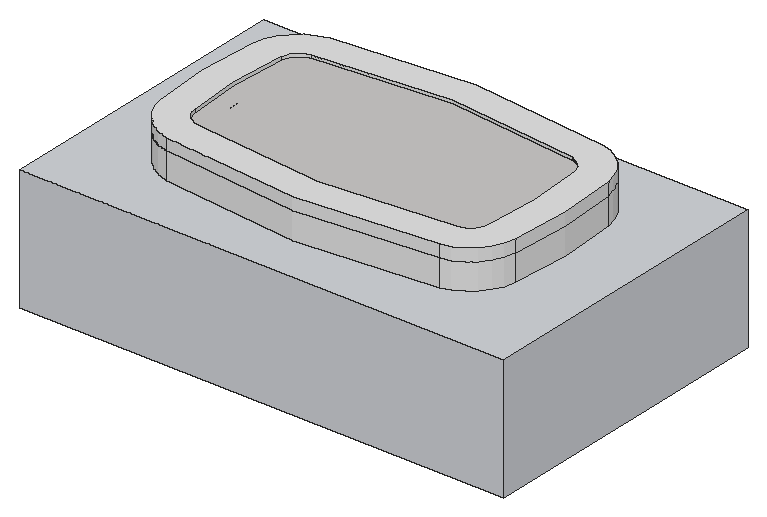
Revit family "KB200", category Equipement spécialisé, Revit 2016
Family settings
  Hôte = Face
  Type d'élément = Normal
  Cote de connecteur circulaire = Utiliser le diamètre
  Numéro OmniClass = 23.40.20.21
  Titre OmniClass = Toilet and Bath Specialties
  Couper avec des vides une fois chargée = Non
  Partagée = Non
  Point de calcul de pièce = Non
Parameters (values of type "White Granite with Stainless Cover")
  seatangle [instance] = if(Fold Down, 90.00°, 0.00°)  # 0.00°
  dooradjust [instance] = if(seatangle = 0.00°, 0' 0 5/8", 0' 1 5/8")  # 0' - 0 5/8"
  Warranty Duration (Years) = 0
  Unit Width = 2' - 11 3/16"
  Unit Height = 1' - 10 1/4"
  Unit Depth = 0' - 3 3/4"
  URL = "http://www.bobrick.com/Pages/default.aspx"
  Test Data = ""
  Standards Conformance = "ADA with proper mounting height  ;  Made in U.S.A."
  Specification = ""
  SpecWizard = ""
  Send Message = "https://www.anox.fr/fr/contactez-nous"
  Sales Information = "https://www.anox.fr/fr/contactez-nous"
  Revision = "R1_10_2012"
  Region Restriction = "None"
  Recycled Content = "16%"
  Product Properties = ""
  Mounting Height [instance] = 2' - 4 3/4"
  Modèle = "KB200-05SS"
  Fabricant = "Bobrick Washroom Equipment, Inc."
  Maintenance Schedule (Months) = 0
  Note d'identification = "102813"
  Installation Phase = ""
  Green Building-LEED = ""
  Fold Up [instance] = not(Fold Down)  # yes
  Fold Down [instance] = no
  Fixture Material = Plastic - Bobrick - White Granite
  Expected Lifespan (Years) = 0
  Drawn By = "Sumex Design, Inc. / Robert S. Weygant, CSI, CDT, SCIP"
  Description = "Bobrick Horizontal Baby Changing Station - Koala Kare KB200-05SS"
  Default Elevation = 0' - 0"
  Cover Finish = Plastic - Bobrick - White Granite
  Copyright = "©Arcat Inc."
  Construction Details = ""
  Center Plate Finish = Steel - Bobrick - Stainless Satin
  Capacity = "200 lbs  ;  50 liners"
  Building Codes = ""
  Code d'assemblage = "E1090900"
Types (6): name | Send Message | Sales Information | Modèle | Fixture Material | Description | Cover Finish | Center Plate Finish
  White Granite with Stainless Cover | "https://www.anox.fr/fr/contactez-nous" | "https://www.anox.fr/fr/contactez-nous" | "KB200-05SS" | Plastic - Bobrick - White Granite | "Bobrick Horizontal Baby Changing Station - Koala Kare KB200-05SS" | Plastic - Bobrick - White Granite | Steel - Bobrick - Stainless Satin
  Grey with Stainless Cover | "http://www.arcat.com/users.pl?action=UserEmail&company=Bobrick+Washroom+Equipment,+Inc.&coid=30988&rep=156&fax=818-503-1930&mf=" | "http://www.bobrick.com/Pages/ContactUs.aspx" | "KB200-01SS" | Plastic - Bobrick - Grey | "Bobrick Horizontal Baby Changing Station - Koala Kare KB200-01SS" | Plastic - Bobrick - Grey | Steel - Bobrick - Stainless Satin
  Earth | "http://www.arcat.com/users.pl?action=UserEmail&company=Bobrick+Washroom+Equipment,+Inc.&coid=30988&rep=156&fax=818-503-1930&mf=" | "http://www.bobrick.com/Pages/ContactUs.aspx" | "KB200-11" | Plastic - Bobrick - Earth | "Bobrick Horizontal Baby Changing Station - Koala Kare KB200-11" | Plastic - Bobrick - Earth | Plastic - Bobrick - Earth
  White Granite | "http://www.arcat.com/users.pl?action=UserEmail&company=Bobrick+Washroom+Equipment,+Inc.&coid=30988&rep=156&fax=818-503-1930&mf=" | "http://www.bobrick.com/Pages/ContactUs.aspx" | "KB200-05" | Plastic - Bobrick - White Granite | "Bobrick Horizontal Baby Changing Station - Koala Kare KB200-05" | Plastic - Bobrick - White Granite | Plastic - Bobrick - White Granite
  Grey | "http://www.arcat.com/users.pl?action=UserEmail&company=Bobrick+Washroom+Equipment,+Inc.&coid=30988&rep=156&fax=818-503-1930&mf=" | "http://www.bobrick.com/Pages/ContactUs.aspx" | "KB200-01" | Plastic - Bobrick - Grey | "Bobrick Horizontal Baby Changing Station - Koala Kare KB200-01" | Plastic - Bobrick - Grey | Plastic - Bobrick - Grey
  Cream | "http://www.arcat.com/users.pl?action=UserEmail&company=Bobrick+Washroom+Equipment,+Inc.&coid=30988&rep=156&fax=818-503-1930&mf=" | "http://www.bobrick.com/Pages/ContactUs.aspx" | "KB200-00" | Plastic - Bobrick - Cream | "Bobrick Horizontal Baby Changing Station - Koala Kare KB200-00" | Plastic - Bobrick - Cream | Plastic - Bobrick - Cream
Reference planes (in)
  plane 1 "x": y = -4.03043
  plane 2: z = 0
  plane 3 "Center (Left/Right)": x = 0
  plane 4: y = 7.09457
  plane 5: y = -15.15543
  plane 6: x = -17.59375
  plane 7: x = 17.59375
  plane 8: z = 3.75
  plane 9 "FF": y = -43.90543
  plane 10: z = 3.125
  plane 11: y = -13.96793
Forms (in)
  Extrusion 1, solid
    sketch origin (0, 0, 0) x (1, 0, 0) y (0, 1, 0)
      loop
        line (-23, 10.03207) -> (-23, -19.501) -> (23.9838, -19.501) -> (23.9838, 10.03207) -> (-23, 10.03207)
    from 0 to -12
  Extrusion 2, solid, material "Plastic - Bobrick - White Granite" <- "Cover Finish"
    sketch origin (0, -12.71793, 6.625) x (1, 0, 0) y (0, 1, 0)
      loop
        arc (-13.20722, 18.55231) -> (-15.89551, 17.07694) -> (-17.21695, 14.30973) r 5
        arc (-17.21695, 14.30973) -> (-17.59375, 8.6875) -> (-17.21695, 3.06527) r 42.13281
        arc (-17.21695, 3.06527) -> (-15.89551, 0.29806) -> (-13.20722, -1.17731) r 5
        arc (-13.20722, -1.17731) -> (0, -2.4375) -> (13.20722, -1.17731) r 69.83813
        arc (13.20722, -1.17731) -> (15.89551, 0.29806) -> (17.21695, 3.06527) r 5
        arc (17.21695, 3.06527) -> (17.59375, 8.6875) -> (17.21695, 14.30973) r 42.13281
        arc (17.21695, 14.30973) -> (15.89551, 17.07694) -> (13.20722, 18.55231) r 5
        arc (13.20722, 18.55231) -> (0, 19.8125) -> (-13.20722, 18.55231) r 69.83813
      loop
        arc (-12.63989, 15.60644) -> (-13.7152, 15.01629) -> (-14.24378, 13.90941) r 2
        arc (-14.24378, 13.90941) -> (-14.59375, 8.6875) -> (-14.24378, 3.46559) r 39.13281
        arc (-14.24378, 3.46559) -> (-13.7152, 2.35871) -> (-12.63989, 1.76856) r 2
        arc (-12.63989, 1.76856) -> (0, 0.5625) -> (12.63989, 1.76856) r 66.83813
        arc (12.63989, 1.76856) -> (13.7152, 2.35871) -> (14.24378, 3.46559) r 2
        arc (14.24378, 3.46559) -> (14.59375, 8.6875) -> (14.24378, 13.90941) r 39.13281
        arc (14.24378, 13.90941) -> (13.7152, 15.01629) -> (12.63989, 15.60644) r 2
        arc (12.63989, 15.60644) -> (0, 16.8125) -> (-12.63989, 15.60644) r 66.83813
    from -4.06149 to -2.875
  Extrusion 3, solid, material "Steel - Bobrick - Stainless Satin" <- "Center Plate Finish"
    sketch origin (0, -13.96793, 6.625) x (1, 0, 0) y (0, 1, 0)
      loop
        arc (-14.24378, 4.71559) -> (-13.7152, 3.60871) -> (-12.63989, 3.01856) r 2
        arc (-12.63989, 3.01856) -> (0, 1.8125) -> (12.63989, 3.01856) r 66.83813
        arc (12.63989, 3.01856) -> (13.7152, 3.60871) -> (14.24378, 4.71559) r 2
        arc (14.24378, 4.71559) -> (14.59375, 9.9375) -> (14.24378, 15.15941) r 39.13281
        arc (14.24378, 15.15941) -> (13.7152, 16.26629) -> (12.63989, 16.85644) r 2
        arc (12.63989, 16.85644) -> (0, 18.0625) -> (-12.63989, 16.85644) r 66.83813
        arc (-12.63989, 16.85644) -> (-13.7152, 16.26629) -> (-14.24378, 15.15941) r 2
        arc (-14.24378, 15.15941) -> (-14.59375, 9.9375) -> (-14.24378, 4.71559) r 39.13281
    from -4.33311 to -3.11615
  Extrusion 4, solid, material "Plastic - Bobrick - White Granite" <- "Fixture Material"
    sketch origin (0, -13.96793, 6.625) x (1, 0, 0) y (0, 1, 0)
      loop
        arc (-17.21695, 15.55973) -> (-17.59375, 9.9375) -> (-17.21695, 4.31527) r 42.13281
        arc (-17.21695, 4.31527) -> (-15.89551, 1.54806) -> (-13.20722, 0.07269) r 5
        arc (-13.20722, 0.07269) -> (0, -1.1875) -> (13.20722, 0.07269) r 69.83813
        arc (13.20722, 0.07269) -> (15.89551, 1.54806) -> (17.21695, 4.31527) r 5
        arc (17.21695, 4.31527) -> (17.59375, 9.9375) -> (17.21695, 15.55973) r 42.13281
        arc (17.21695, 15.55973) -> (15.89551, 18.32694) -> (13.20722, 19.80231) r 5
        arc (13.20722, 19.80231) -> (0, 21.0625) -> (-13.20722, 19.80231) r 69.83813
        arc (-13.20722, 19.80231) -> (-15.89551, 18.32694) -> (-17.21695, 15.55973) r 5
      loop
        arc (-15.23483, 15.29285) -> (-15.59375, 9.9375) -> (-15.23483, 4.58215) r 40.13281
        arc (-15.23483, 4.58215) -> (-14.44197, 2.92182) -> (-12.829, 2.0366) r 3
        arc (-12.829, 2.0366) -> (0, 0.8125) -> (12.829, 2.0366) r 67.83813
        arc (12.829, 2.0366) -> (14.44197, 2.92182) -> (15.23483, 4.58215) r 3
        arc (15.23483, 4.58215) -> (15.59375, 9.9375) -> (15.23483, 15.29285) r 40.13281
        arc (15.23483, 15.29285) -> (14.44197, 16.95318) -> (12.829, 17.8384) r 3
        arc (12.829, 17.8384) -> (0, 19.0625) -> (-12.829, 17.8384) r 67.83813
        arc (-12.829, 17.8384) -> (-14.44197, 16.95318) -> (-15.23483, 15.29285) r 3
    from -6.625 to -4.06149
  Blend 5, void
    base sketch origin (0, -13.96793, 6.625) x (1, 0, 0) y (0, 1, 0)
      loop
        arc (-15.23483, 4.58215) -> (-14.44197, 2.92182) -> (-12.829, 2.0366) r 3
        arc (-12.829, 2.0366) -> (0, 0.8125) -> (12.829, 2.0366) r 67.83813
        arc (12.829, 2.0366) -> (14.44197, 2.92182) -> (15.23483, 4.58215) r 3
        arc (15.23483, 4.58215) -> (15.59375, 9.9375) -> (15.23483, 15.29285) r 40.13281
        arc (15.23483, 15.29285) -> (14.44197, 16.95318) -> (12.829, 17.8384) r 3
        arc (12.829, 17.8384) -> (0, 19.0625) -> (-12.829, 17.8384) r 67.83813
        arc (-12.829, 17.8384) -> (-14.44197, 16.95318) -> (-15.23483, 15.29285) r 3
        arc (-15.23483, 15.29285) -> (-15.59375, 9.9375) -> (-15.23483, 4.58215) r 40.13281
    top sketch origin (0, -13.96793, 6.625) x (1, 0, 0) y (0, 1, 0)
      loop
        arc (-13.99601, 4.74895) -> (-13.53351, 3.78043) -> (-12.59261, 3.26405) r 1.75
        arc (-12.59261, 3.26405) -> (0, 2.0625) -> (12.59261, 3.26405) r 66.58813
        arc (12.59261, 3.26405) -> (13.53351, 3.78043) -> (13.99601, 4.74895) r 1.75
        arc (13.99601, 4.74895) -> (14.34375, 9.9375) -> (13.99601, 15.12605) r 38.88281
        arc (13.99601, 15.12605) -> (13.53351, 16.09457) -> (12.59261, 16.61095) r 1.75
        arc (12.59261, 16.61095) -> (0, 17.8125) -> (-12.59261, 16.61095) r 66.58813
        arc (-12.59261, 16.61095) -> (-13.53351, 16.09457) -> (-13.99601, 15.12605) r 1.75
        arc (-13.99601, 15.12605) -> (-14.34375, 9.9375) -> (-13.99601, 4.74895) r 38.88281
    from -5.97079 to -4.68497
  Extrusion 6, solid, material "Plastic - Bobrick - White Granite" <- "Fixture Material"
    sketch origin (0, -13.96793, 6.625) x (1, 0, 0) y (0, 1, 0)
      loop
        arc (-15.23483, 4.58215) -> (-14.44197, 2.92182) -> (-12.829, 2.0366) r 3
        arc (-12.829, 2.0366) -> (0, 0.8125) -> (12.829, 2.0366) r 67.83813
        arc (12.829, 2.0366) -> (14.44197, 2.92182) -> (15.23483, 4.58215) r 3
        arc (15.23483, 4.58215) -> (15.59375, 9.9375) -> (15.23483, 15.29285) r 40.13281
        arc (15.23483, 15.29285) -> (14.44197, 16.95318) -> (12.829, 17.8384) r 3
        arc (12.829, 17.8384) -> (0, 19.0625) -> (-12.829, 17.8384) r 67.83813
        arc (-12.829, 17.8384) -> (-14.44197, 16.95318) -> (-15.23483, 15.29285) r 3
        arc (-15.23483, 15.29285) -> (-15.59375, 9.9375) -> (-15.23483, 4.58215) r 40.13281
    from -5.97079 to -4.06149
  Sweep 7, solid, material "Plastic - Bobrick - White Granite" <- "Fixture Material"
    path origin (0, 0, 0) x (1, 0, 0) y (0, 1, 0)
      loop
        line (9.84375, -15.15543) -> (-9.84375, -15.15543)
    profile origin (0, -15.15543, 0) x (0, -1, 0) y (0, 0, 1)
      loop
        line (-19.83194, 1.56022) -> (-20.25, 0) -> (-1.02102, 0) -> (-1.02102, 0.46545) -> (-1.77102, 0.46545) -> (-1.77102, 1.08319) -> (-3.1414, 2.49248)
        arc (-3.1414, 2.49248) -> (-4.31734, 2.91818) -> (-5.37907, 2.25729) r 1.43152
        arc (-5.37907, 2.25729) -> (-12.20573, 2.86056) -> (-19.03495, 2.28703) r 39.91051
        arc (-19.03495, 2.28703) -> (-19.53984, 2.0403) -> (-19.83194, 1.56022) r 1
  Extrusion 8, void
    sketch origin (0, 0, 0) x (1, 0, 0) y (0, 1, 0)
      loop
        line (-9.84375, 5.09457) -> (-9.84375, 0.09457)
        arc (-9.84375, 0.09457) -> (-8.37928, 3.6301) -> (-4.84375, 5.09457) r 5
        line (-4.84375, 5.09457) -> (-9.84375, 5.09457)
      loop
        line (9.84375, 5.09457) -> (4.84375, 5.09457)
        arc (4.84375, 5.09457) -> (8.37928, 3.6301) -> (9.84375, 0.09457) r 5
        line (9.84375, 0.09457) -> (9.84375, 5.09457)
    from 0 to 3.13523
Cuts and joins
  Blend 5 cuts Extrusion 6
  Extrusion 8 cuts Sweep 7
Lines and regions (in)
  reference lines
    curve 1: line (0, -13.96793, 3.125) -> (0, -7.46793, 3.125)
    curve 2: line (0, -13.96793, 3.125) -> (0, -13.96793, 6.625)
Dimensions and locks (in)
  equal spacing: plane 4, plane 1 "x", plane 5
  "Unit Height": plane 4 to plane 5
  equal spacing: plane 6, plane 3 "Center (Left/Right)", plane 7
  "Unit Width": plane 6 to plane 7
  "Mounting Height": plane 5 to plane 9 "FF"
  "Unit Depth": plane 8 to level
  plane 5 to plane 11 = 0' - 1 3/16"
  "dooradjust": plane 8 to plane 10
  "seatangle": angle plane 10 to curve 1
  aligned and locked: plane 2 to Extrusion 1
  aligned and locked: level to Extrusion 1
  aligned and locked: plane 11 to curve 1
  aligned and locked: curve 1 to plane 10
  aligned and locked: plane 5 to Sweep 7 sketch curve
Automatic sketch dimensions
  Extrusion 1 sketch curve to Extrusion 1 sketch curve = 3' - 10.9838"
  Extrusion 1 sketch curve to Extrusion 1 sketch curve = 2' - 5.53307"
  curve 2 to curve 1 = 0' - 0"  (x2)
  curve 1 to curve 2 = 0' - 3 1/2"
  Extrusion 2 sketch curve to plane 3 "Center (Left/Right)" = 0' - 0"  (x2)
  plane 6 to Extrusion 2 sketch curve = 0' - 5.33209"  (x2)
  Extrusion 2 sketch curve to Extrusion 2 sketch curve = 0' - 0.94556"  (x4)
  Extrusion 2 sketch curve to Extrusion 2 sketch curve = 0' - 0"  (x38)
  plane 6 to Extrusion 2 sketch curve = 0' - 0.3768"
  Extrusion 2 sketch curve to Extrusion 2 sketch curve = 0' - 4.95528"  (x2)
  Extrusion 2 sketch curve to plane 6 = 0' - 6 121/128"
  Extrusion 2 sketch curve to plane 7 = 0' - 5.33209"  (x2)
  Extrusion 2 sketch curve to plane 7 = 0' - 0.3768"
  Extrusion 2 sketch curve to Extrusion 2 sketch curve = 0' - 1.98211"
  Extrusion 3 sketch curve to plane 3 "Center (Left/Right)" = 0' - 0"  (x2)
  plane 6 to Extrusion 3 sketch curve = 0' - 5.33209"  (x2)
  Extrusion 3 sketch curve to Extrusion 3 sketch curve = 0' - 0.37822"  (x4)
  Extrusion 3 sketch curve to Extrusion 3 sketch curve = 0' - 0"  (x7)
  Extrusion 3 sketch curve to Extrusion 3 sketch curve = 0' - 1.98211"  (x4)
  Extrusion 3 sketch curve to plane 6 = 0' - 6 121/128"
  Extrusion 3 sketch curve to plane 7 = 0' - 5.33209"  (x2)
  Extrusion 4 sketch curve to Extrusion 4 sketch curve = 0' - 0"  (x37)
  Extrusion 4 sketch curve to plane 3 "Center (Left/Right)" = 0' - 0"  (x2)
  plane 6 to Extrusion 4 sketch curve = 0' - 5.33209"  (x2)
  Extrusion 4 sketch curve to Extrusion 4 sketch curve = 0' - 0.56734"  (x4)
  Extrusion 4 sketch curve to Extrusion 4 sketch curve = 0' - 0.37822"  (x2)
  plane 6 to Extrusion 4 sketch curve = 0' - 2.35892"
  Extrusion 4 sketch curve to Extrusion 4 sketch curve = 0' - 2.97317"
  Extrusion 4 sketch curve to plane 6 = 0' - 6 121/128"
  Extrusion 4 sketch curve to plane 7 = 0' - 5.33209"  (x2)
  Extrusion 4 sketch curve to plane 7 = 0' - 2.35892"  (x2)
  Blend 5 sketch curve to plane 3 "Center (Left/Right)" = 0' - 0"  (x4)
  plane 6 to Blend 5 sketch curve = 0' - 5.33209"  (x4)
  Blend 5 sketch curve to Blend 5 sketch curve = 0' - 0.56734"  (x4)
  Blend 5 sketch curve to Blend 5 sketch curve = 0' - 0"  (x14)
  plane 6 to Blend 5 sketch curve = 0' - 2.35892"
  Blend 5 sketch curve to Blend 5 sketch curve = 0' - 2.97317"  (x2)
  Blend 5 sketch curve to plane 6 = 0' - 6 121/128"  (x2)
  Blend 5 sketch curve to plane 7 = 0' - 5.33209"  (x4)
  Blend 5 sketch curve to Blend 5 sketch curve = 0' - 0.33095"  (x4)
  Blend 5 sketch curve to Blend 5 sketch curve = 0' - 1.73435"  (x4)
  Blend 5 sketch curve to plane 7 = 0' - 2.35892"
  Extrusion 6 sketch curve to plane 3 "Center (Left/Right)" = 0' - 0"  (x2)
  plane 6 to Extrusion 6 sketch curve = 0' - 5.33209"  (x2)
  Extrusion 6 sketch curve to Extrusion 6 sketch curve = 0' - 0.56734"  (x4)
  Extrusion 6 sketch curve to Extrusion 6 sketch curve = 0' - 0"  (x7)
  plane 6 to Extrusion 6 sketch curve = 0' - 2.35892"
  Extrusion 6 sketch curve to Extrusion 6 sketch curve = 0' - 2.97317"  (x2)
  Extrusion 6 sketch curve to plane 6 = 0' - 6 121/128"
  Extrusion 6 sketch curve to plane 7 = 0' - 5.33209"  (x2)
  Extrusion 6 sketch curve to plane 7 = 0' - 2.35892"
  plane 6 to Sweep 7 sketch curve = 0' - 7 3/4"
  Sweep 7 sketch curve to plane 7 = 0' - 7 3/4"
  Sweep 7 sketch curve to level = 0' - 0"
  profile plane to Sweep 7 sketch curve = 1' - 8 1/4"
  level to Sweep 7 sketch curve = 0' - 1.56022"
  Sweep 7 sketch curve to Sweep 7 sketch curve = 0' - 0.41806"
  Sweep 7 sketch curve to Sweep 7 sketch curve = 0' - 0.79699"
  Sweep 7 sketch curve to Sweep 7 sketch curve = 0' - 0"
  Sweep 7 sketch curve to Sweep 7 sketch curve = 0' - 0.16894"
  profile plane to Sweep 7 sketch curve = 1' - 0.29266"
  profile plane to Sweep 7 sketch curve = 0' - 5.37907"
  Sweep 7 sketch curve to Sweep 7 sketch curve = 0' - 1.02631"
  Sweep 7 sketch curve to Sweep 7 sketch curve = 0' - 1.37038"
  Sweep 7 sketch curve to Sweep 7 sketch curve = 0' - 0 3/4"
  Sweep 7 sketch curve to Sweep 7 sketch curve = 0' - 0.46545"
  Sweep 7 sketch curve to Sweep 7 sketch curve = 0' - 0.61774"
  Sweep 7 sketch curve to Sweep 7 sketch curve = 0' - 0.76279"
  Sweep 7 sketch curve to Sweep 7 sketch curve = 0' - 1.40928"
  Sweep 7 sketch curve to Sweep 7 sketch curve = 0' - 1.21137"
  Extrusion 8 sketch curve to plane 4 = 0' - 2"  (x2)
  plane 6 to Extrusion 8 sketch curve = 0' - 7 3/4"
  Extrusion 8 sketch curve to Extrusion 8 sketch curve = 0' - 5"  (x2)
  plane 3 "Center (Left/Right)" to Extrusion 8 sketch curve = 0' - 4 27/32"
  plane 1 "x" to Extrusion 2 sketch curve = 0' - 0"
  plane 1 "x" to Extrusion 2 sketch curve = 0' - 4.95503"
  plane 1 "x" to Extrusion 3 sketch curve = 0' - 0"
  plane 1 "x" to Extrusion 3 sketch curve = 0' - 4.95503"
  plane 1 "x" to Extrusion 4 sketch curve = 0' - 0"
  plane 1 "x" to Extrusion 4 sketch curve = 0' - 4.95503"
  plane 1 "x" to Blend 5 sketch curve = 0' - 0"  (x2)
  plane 1 "x" to Blend 5 sketch curve = 0' - 4.95503"  (x2)
  plane 1 "x" to Extrusion 6 sketch curve = 0' - 0"
  plane 1 "x" to Extrusion 6 sketch curve = 0' - 4.95503"
